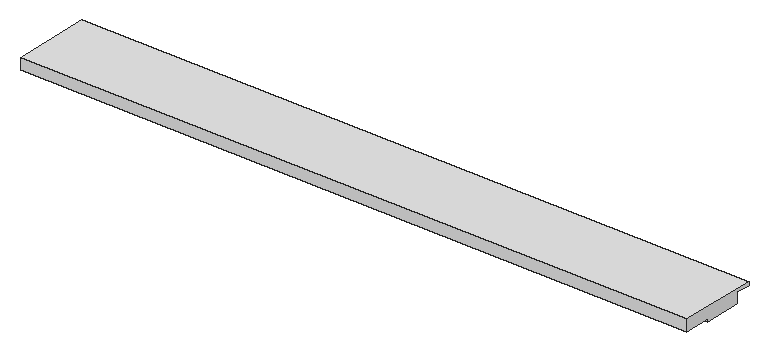
Revit family "11-TRIMBOARD-AND-STEALTH-TRIM-CADS-119-5-X-8-STEALTH-WITH-FLANGE-4-REVIT_Versatex-Generic-Model-5-4in-x-6in-STEALTH-w-FLANGE", category Generic Models, host Face, Revit 2026
Family settings
  Host = Face
  Can host rebar = No
  Round Connector Dimension = Use Diameter
  Part Type = Normal
  Cut with Voids When Loaded = No
  Maintain Annotation Orientation = No
  Shared = No
  Room Calculation Point = No
Parameters
  Model = "SNFTBSM/TR540618"
  Length = 4' - 0"
  Warranty = "https://versatex.com/warranty/"
  URL = "https://versatex.com/"
  Specification = "https://www.arcat.com/company/versatex-45716/spec?coid=45716"
  Sales Information = "https://versatex.com/dealer-locator/"
  Message Manufacturer = "https://versatex.com/contact/"
  Material = Versatex PVC - Smooth
  Manufacturer Website = "https://versatex.com/"
  Manufacturer Phone = "724-857-1111"
  Manufacturer Fax = "724-857-1171"
  Manufacturer Address = "400 Steel Street, Aliquippa, PA 15001"
  Manufacturer = "Versatex"
  Literature = "https://versatex.com/literature/?_sft_literature_category=cads"
  Description = "NOMINAL 5/4\" X 6\" STEALTH W/ FLANGE SLOT"
  Default Elevation = 4' - 0"
  Copyright = "© 2024 VERSATEX Building Products, LLC"
Reference planes (in)
  plane 1 "Center (Front/Back)": y = 0
  plane 2: z = 0
  plane 3 "Center (Left/Right)": x = 0
  plane 4: x = 24
  plane 5: x = -24
Forms (in)
  Sweep 1, solid, material "Versatex PVC - Smooth" <- "Material"
    path origin (0, 0, 0) x (1, 0, 0) y (0, 1, 0)
      loop
        line (-24, 0) -> (24, 0)
    profile "Versatex_Profile_5-4” x 6” STEALTH w FLANGE : Versatex_Profile_5-4” x 6” STEALTH w FLANGE" origin (0, 0, 0) x (0, 1, 0) y (0, 0, 1)
      loop
        line (4.5, 0) -> (4.5, 0.75) -> (5.5, 0.75) -> (5.5, 1) -> (0, 1) -> (0, 0.19) -> (1.87, 0.19) -> (1.87, 0) -> (4.5, 0)
Dimensions and locks (in)
  "Length": plane 5 to plane 4
  equal spacing: plane 5, plane 3 "Center (Left/Right)", plane 4, locked at 24 each
  aligned and locked: plane 2 to host face
  aligned and locked: level to host face
Automatic sketch dimensions
  host sketch curve to host sketch curve = 8' - 0"  (x2)
  plane 1 "Center (Front/Back)" to Sweep 1 sketch curve = 0' - 0"
  Sweep 1 sketch curve to plane 5 = 0' - 0"
  Sweep 1 sketch curve to plane 4 = 0' - 0"
